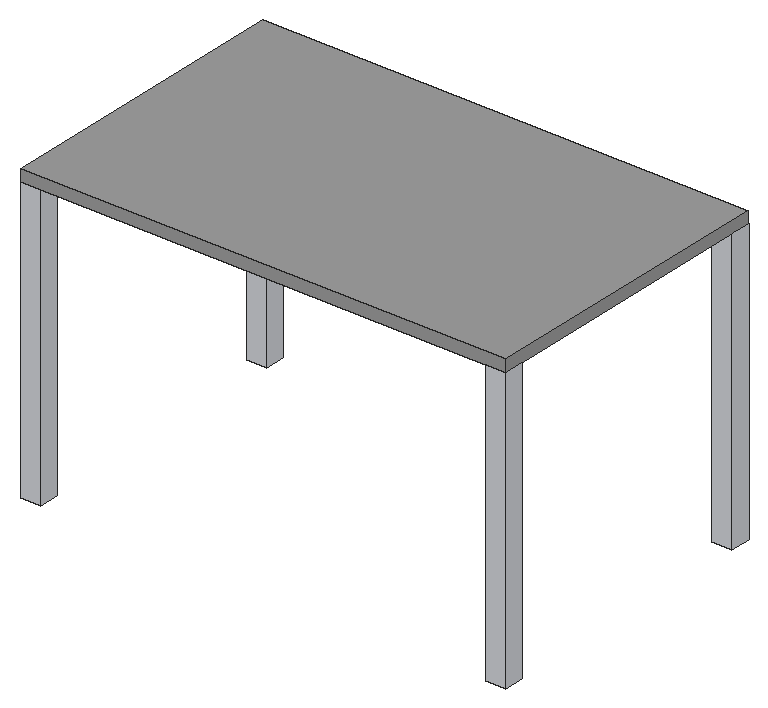
Revit family "Mesa_Escritorio", category Furniture, Revit 2025
Family settings
  OmniClass Number = 23.40.70.14.64.11
  OmniClass Title = Office Furniture
  Work Plane-Based = No
  Enable Cutting in Views = No
  Always vertical = Yes
  Cut with Voids When Loaded = No
  Render Appearance Source = Family Geometry
  Shared = No
  Room Calculation Point = Yes
Parameters (values of type "Mesa_180x75x90")
  altura = 0.730 m
  Default Elevation = 0.000 m
  Cost = 0
  URL = ""
  Model = ""
  Manufacturer = ""
  Description = ""
  Assembly Code = ""
  largura = 1.200 m
  profundidade = 0.750 m
Reference planes (m)
  plane 1 "Bottom": z = 0
  plane 2 "Z Origin": z = 0
  plane 3 "Center (Left/Right)": x = -0.449263
  plane 4 "Center (Front/Back)": y = 0.06985
  plane 5 "Left": x = -1.049263
  plane 6 "Right": x = 0.150737
  plane 7 "Back": y = 0.44485
  plane 8 "Front": y = -0.30515
  plane 9 "Top": z = 0.73
  plane 10 "Post Top": z = 0.7
Forms (m)
  Extrusion 1, solid, material "Default"
    sketch origin (0, 0.073422, 0) x (-1, 0, 0) y (0, 0, 1)
      loop
        line (1.049263, 0.73) -> (-0.150737, 0.73) -> (-0.150737, 0.7) -> (1.049263, 0.7) -> (1.049263, 0.73)
    from -0.378572 to 0.371428
  Extrusion 2, solid
    sketch origin (0, 0, 0) x (1, 0, 0) y (0, 1, 0)
      loop
        line (-1.049263, -0.30515) -> (-0.999263, -0.30515) -> (-0.999263, -0.25515) -> (-1.049263, -0.25515) -> (-1.049263, -0.30515)
    from 0 to 0.7
  Extrusion 3, solid
    sketch origin (-0.898525, 0, 0) x (-1, 0, 0) y (0, -1, 0)
      loop
        line (-1.049263, 0.30515) -> (-1.049263, 0.25515) -> (-0.999263, 0.25515) -> (-0.999263, 0.30515) -> (-1.049263, 0.30515)
    from 0 to 0.7
  Extrusion 4, solid
    sketch origin (0, 0.1397, 0) x (1, 0, 0) y (0, 1, 0)
      loop
        line (-1.049263, 0.30515) -> (-1.049263, 0.25515) -> (-0.999263, 0.25515) -> (-0.999263, 0.30515) -> (-1.049263, 0.30515)
    from 0 to 0.7
  Extrusion 5, solid
    sketch origin (-0.898525, 0.1397, 0) x (-1, 0, 0) y (0, -1, 0)
      loop
        line (-1.049263, -0.30515) -> (-0.999263, -0.30515) -> (-0.999263, -0.25515) -> (-1.049263, -0.25515) -> (-1.049263, -0.30515)
    from 0 to 0.7
Lines and regions (m)
  Masking region 1
    outline origin (0, 0, 0.73) x (-1, 0, 0) y (0, -1, 0)
      loop
        line (1.049263, -0.44485) -> (1.049263, 0.30515) -> (-0.150737, 0.30515) -> (-0.150737, -0.44485) -> (1.049263, -0.44485)
  Masking region 2
    outline origin (0, 0.44485, 0) x (-1, 0, 0) y (0, 0, 1)
      loop
        line (1.049263, 0.73) -> (-0.150737, 0.73) -> (-0.150737, 0.7) -> (1.049263, 0.7) -> (1.049263, 0.73)
  Masking region 3
    outline origin (-0.449263, 0.09525, 2.1336) x (0, -1, 0) y (0, 0, 1)
      loop
        line (-0.3496, -1.4036) -> (-0.3496, -1.4336) -> (0.4004, -1.4336) -> (0.4004, -1.4036) -> (-0.3496, -1.4036)
Dimensions and locks (m)
  equal spacing: plane 5 "Left", plane 3 "Center (Left/Right)", plane 6 "Right"
  "largura": plane 5 "Left" to plane 6 "Right"
  equal spacing: plane 7 "Back", plane 4 "Center (Front/Back)", plane 8 "Front"
  "altura": plane 9 "Top" to level
  plane 9 "Top" to plane 10 "Post Top" = 0.030 m
  aligned and locked: plane 1 "Bottom" to plane 2 "Z Origin"
  aligned and locked: plane 9 "Top" to Extrusion 1 sketch curve
  aligned and locked: plane 5 "Left" to Extrusion 1 sketch curve
  aligned and locked: Extrusion 1 sketch curve to plane 6 "Right"
  aligned and locked: Extrusion 1 to plane 8 "Front"
  aligned and locked: plane 7 "Back" to Extrusion 1
  aligned and locked: Extrusion 1 to plane 6 "Right"
  aligned and locked: plane 5 "Left" to Extrusion 1
  aligned and locked: Masking region 1 sketch curve to Extrusion 1  (x3)
  aligned and locked: Masking region 2 sketch curve to Extrusion 1  (x3)
  aligned and locked: Masking region 3 sketch curve to Extrusion 1  (x4)
  aligned and locked: Extrusion 1 to plane 10 "Post Top"
  aligned and locked: Extrusion 2 to Extrusion 1  (x3)
Automatic sketch dimensions
  Extrusion 1 sketch curve to plane 10 "Post Top" = 0.000 m
  Masking region 1 sketch curve to plane 5 "Left" = 0.000 m
  plane 6 "Right" to Masking region 2 sketch curve = 0.000 m
  Extrusion 2 sketch curve to plane 5 "Left" = 0.000 m
  Extrusion 2 sketch curve to plane 8 "Front" = 0.000 m
  Extrusion 2 sketch curve to Extrusion 2 sketch curve = 0.050 m  (x2)
  Extrusion 3 sketch curve to plane 6 "Right" = 0.000 m
  Extrusion 3 sketch curve to plane 8 "Front" = 0.000 m
  plane 6 "Right" to Extrusion 3 sketch curve = 0.050 m
  Extrusion 3 sketch curve to Extrusion 3 sketch curve = 0.050 m
  Extrusion 4 sketch curve to plane 5 "Left" = 0.000 m
  Extrusion 4 sketch curve to plane 7 "Back" = 0.000 m
  Extrusion 4 sketch curve to Extrusion 4 sketch curve = 0.050 m  (x2)
  Extrusion 5 sketch curve to plane 6 "Right" = 0.000 m
  Extrusion 5 sketch curve to plane 7 "Back" = 0.000 m
  plane 6 "Right" to Extrusion 5 sketch curve = 0.050 m
  Extrusion 5 sketch curve to Extrusion 5 sketch curve = 0.050 m
